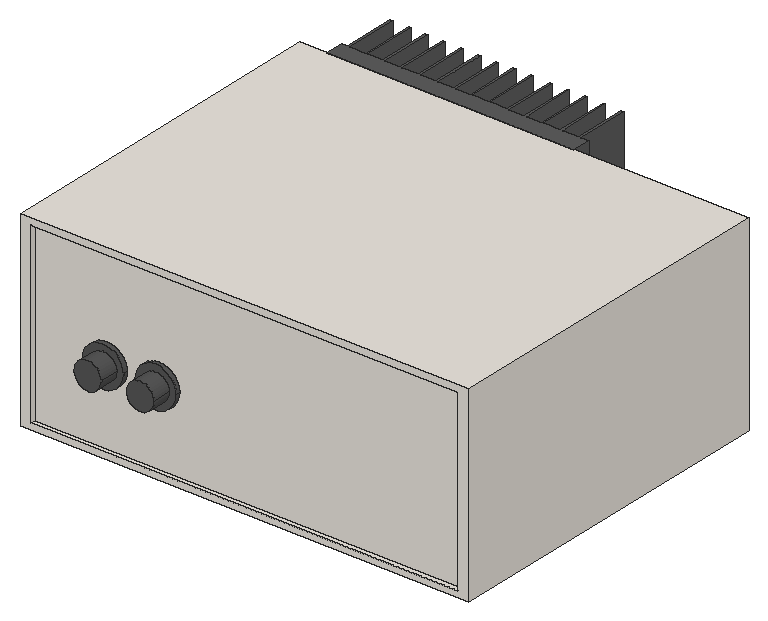
Revit family "Electronics_Masking-Generators_Biamp_Cambridge_Sound-Masking-System_DS1042__", category Communication Devices, host Face, Revit 2020
Family settings
  Host = Face
  Maintain Annotation Orientation = No
  Round Connector Dimension = Use Diameter
  Part Type = Normal
  OmniClass Number = 23.85.10.11
  OmniClass Title = Audio Information, Sound Signals
  Cut with Voids When Loaded = No
  Shared = No
  Room Calculation Point = No
Parameters (values of type "DS1042")
  Width = 0' - 7 3/4"  # constant formula
  Voltage = 120 V
  User Adjustable Masking Eqalization = "Low-Pass Filter on front panel"  # constant formula
  URL = "https://www.biamp.com/"
  Type Comments = ""
  Type = "Sound masking generator and amplifier"  # constant formula
  Temperature Range = "14 - 104° F (-10 – 40° C)"  # constant formula
  Sound Masking Frequency Response = "160Hz to 5kHz"  # constant formula
  Shipping Weight = 9.00 lbf  # constant formula
  Product data url = "https://www.bimobject.com/biamp/product/ds1042_masking-generator"
  Product Page URL = "https://www.biamp.com/products/product-families/cambridge/masking-generators#ds1042"
  Product Documentation Link = "https://downloads.biamp.com/assets/docs/default-source/data-sheets/biamp_dynasound_ds1042_data_sheet_jun21vf.pdf"
  Power Factor = 1
  Output Connections = "Terminal Strip"  # constant formula
  Output = "25 W, 70.7 V"  # constant formula
  Number of Poles = 1
  Non Correlated Masking Sources = "1"  # constant formula
  Mounting = "Supporting/Shelf"  # constant formula
  Model = "DS1042"  # constant formula
  Max Power Consumption = 75 W
  Masking Zones = "1"  # constant formula
  Manufacturer = "Biamp"  # constant formula
  Housing Material = Biamp - Plastic - Beige
  Height = 0' - 3 1/2"  # constant formula
  Description = "Dynasound® DS1042 Sound Masking System for Use with 70.7 Volt Speakers"  # constant formula
  Depth = 0' - 8 1/4"  # constant formula
  Default Elevation = 4' - 0"
  Connector Description = "NEMA 5-15P; 120 VAC 60 Hz (internal), 27 Watts, 3A Fuse"  # constant formula
  Certifications = "UL813"  # constant formula
  Audio Outputs = "1 - Class 2 Wiring (Stereo or Mono)"  # constant formula
  Audio Output Level = "1 - 25 Watts @ 70.7V"  # constant formula
  Assembly Code = ""
  Apparent Load = Max Power Consumption / Power Factor  # 75 VA
Reference planes (in)
  plane 1 "Center (Front/Back)": y = 0
  plane 2: z = 0
  plane 3 "Center (Left/Right)": x = 0
  plane 4: x = -4.125
  plane 5: x = 4.125
  plane 6: y = 3.875
  plane 7: y = -3.875
  plane 8: z = 3.5
Forms (in)
  Extrusion 1, solid, material "Biamp - Plastic - Beige" <- "Housing Material"
    sketch origin (0, 0, 0) x (1, 0, 0) y (0, 1, 0)
      loop
        line (-4.125, 2.55717) -> (-4.125, -3.875) -> (4.125, -3.875) -> (4.125, 2.55717) -> (-4.125, 2.55717)
    from 0 to 3.5
  Extrusion 2, solid, material "Biamp - Plastic - Black", detail levels medium+fine
    sketch origin (0.36045, 0, 0) x (1, 0, 0) y (0, 0, 1)
      loop
        circle (-2.96401, 1.51533) r 0.375
      loop
        circle (-1.99802, 1.51533) r 0.375
    from 3.78784 to 3.875
  Extrusion 3, solid, material "Biamp - Plastic - Black", detail levels medium+fine
    sketch origin (0.36045, 0, 0) x (1, 0, 0) y (0, 0, 1)
      loop
        circle (-2.96401, 1.51533) r 0.25
      loop
        circle (-1.99802, 1.51533) r 0.25
    from 3.875 to 4.22614
  Extrusion 4, solid, material "Biamp - Metal - Black", detail levels medium+fine
    sketch origin (0, 0, 0) x (1, 0, 0) y (0, 1, 0)
      loop
        line (-3.62703, 2.55717) -> (0.91383, 2.55717) -> (0.91383, 2.89354) -> (0.77302, 2.89354) -> (0.77302, 3.875) -> (0.73212, 3.875) -> (0.73212, 2.89354) -> (0.43506, 2.89354) -> (0.43506, 3.875) -> (0.39416, 3.875) -> (0.39416, 2.89354) -> (0.0971, 2.89354) -> (0.0971, 3.875) -> (0.0562, 3.875) -> (0.0562, 2.89354) -> (-0.22524, 2.89354) -> (-0.22524, 3.875) -> (-0.26614, 3.875) -> (-0.26614, 2.89354) -> (-0.54758, 2.89354) -> (-0.54758, 3.875) -> (-0.58848, 3.875) -> (-0.58848, 2.89354) -> (-0.88554, 2.89354) -> (-0.88554, 3.875) -> (-0.92644, 3.875) -> (-0.92644, 2.89354) -> (-1.21569, 2.89354) -> (-1.21569, 3.875) -> (-1.25659, 3.875) -> (-1.25659, 2.89354) -> (-1.53021, 2.89354) -> (-1.53021, 3.875) -> (-1.57111, 3.875) -> (-1.57111, 2.89354) -> (-1.86036, 2.89354) -> (-1.86036, 3.875) -> (-1.90126, 3.875) -> (-1.90126, 2.89354) -> (-2.17488, 2.89354) -> (-2.17488, 3.875) -> (-2.21578, 3.875) -> (-2.21578, 2.89354) -> (-2.51284, 2.89354) -> (-2.51284, 3.875) -> (-2.55375, 3.875) -> (-2.55375, 2.89354) -> (-2.83518, 2.89354) -> (-2.83518, 3.875) -> (-2.87608, 3.875) -> (-2.87608, 2.89354) -> (-3.14189, 2.89354) -> (-3.14189, 3.875) -> (-3.18279, 3.875) -> (-3.18279, 2.89354) -> (-3.47985, 2.89354) -> (-3.47985, 3.875) -> (-3.52075, 3.875) -> (-3.52075, 2.89354) -> (-3.62703, 2.89354) -> (-3.62703, 2.55717)
    from 0 to 3.5
  Extrusion 5, solid, material "Biamp - Plastic - Black", detail levels medium+fine
    sketch origin (3.3917, 0, 1.34375) x (1, 0, 0) y (0, 0, 1)
      loop
        circle (-1.99802, 1.51533) r 0.375
    from -2.55717 to -2.43908
  Extrusion 6, solid, material "Biamp - Plastic - Black", detail levels medium+fine
    sketch origin (3.3917, 0, 1.34375) x (1, 0, 0) y (0, 0, 1)
      loop
        circle (-1.99802, 1.51533) r 0.25
    from -2.55717 to -3.07243
  Extrusion 7, solid, material "Biamp - Plastic - Black", detail levels medium+fine
    sketch origin (4.2628, 0, -0.90625) x (1, 0, 0) y (0, 0, 1)
      loop
        circle (-1.99802, 1.51533) r 0.375
    from -2.55717 to -2.43908
  Extrusion 8, solid, material "Biamp - Plastic - Black", detail levels medium+fine
    sketch origin (4.2628, 0, -0.90625) x (1, 0, 0) y (0, 0, 1)
      loop
        circle (-1.99802, 1.51533) r 0.25
    from -2.55717 to -3.07243
  Extrusion 9, solid, material "Biamp - Plastic - Black", detail levels medium+fine
    sketch origin (5.35655, 0, -0.90625) x (1, 0, 0) y (0, 0, 1)
      loop
        circle (-1.99802, 1.51533) r 0.25
    from -2.55717 to -2.43908
  Extrusion 10, void
    sketch origin (0, 0, 0) x (1, 0, 0) y (0, 0, 1)
      loop
        line (-3.92858, 3.38525) -> (-3.92858, 0.11847) -> (3.93363, 0.11847) -> (3.93363, 3.38525) -> (-3.92858, 3.38525)
    from -2.43908 to -2.55717
  Extrusion 11, void
    sketch origin (0, 0, 0) x (1, 0, 0) y (0, 0, 1)
      loop
        line (-3.92858, 3.38525) -> (-3.92858, 0.11847) -> (3.93363, 0.11847) -> (3.93363, 3.38525) -> (-3.92858, 3.38525)
    from 3.875 to 3.78784
  Extrusion 12, solid, material "Biamp - Metal - Black", detail levels coarse
    sketch origin (0, 0, 0) x (1, 0, 0) y (0, 1, 0)
      loop
        line (-3.62703, 2.55717) -> (0.91383, 2.55717) -> (0.91383, 3.875) -> (-3.62703, 3.875) -> (-3.62703, 2.55717)
    from 0 to 3.5
  Extrusion 13, solid, not visible, detail levels coarse
    sketch origin (0, 2.43908, 0) x (-1, 0, 0) y (0, 0, 1)
      loop
        line (-3.64882, 2.14272) -> (-3.64882, 1.64272) -> (-3.09417, 1.64272) -> (-3.09417, 2.14272) -> (-3.64882, 2.14272)
      loop
        line (-2.39882, 1.64272) -> (-2.39882, 2.14272) -> (-3.01604, 2.14272) -> (-3.01604, 1.64272) -> (-2.39882, 1.64272)
    from 0 to 0.11809
Cuts and joins
  joined: Extrusion 2, Extrusion 3
  Extrusion 10, Extrusion 11 cuts Extrusion 1
Lines and regions (in)
  Masking region 1, detail levels medium+fine
    outline origin (0, 0, 0) x (1, 0, 0) y (0, 1, 0)
      loop
        line (-3.62703, 2.89354) -> (-3.62703, 2.55717) -> (0.91383, 2.55717) -> (0.91383, 2.89354) -> (0.77302, 2.89354) -> (0.77302, 3.875) -> (0.73212, 3.875) -> (0.73212, 2.89354) -> (0.43506, 2.89354) -> (0.43506, 3.875) -> (0.39416, 3.875) -> (0.39416, 2.89354) -> (0.0971, 2.89354) -> (0.0971, 3.875) -> (0.0562, 3.875) -> (0.0562, 2.89354) -> (-0.22524, 2.89354) -> (-0.22524, 3.875) -> (-0.26614, 3.875) -> (-0.26614, 2.89354) -> (-0.54758, 2.89354) -> (-0.54758, 3.875) -> (-0.58848, 3.875) -> (-0.58848, 2.89354) -> (-0.88554, 2.89354) -> (-0.88554, 3.875) -> (-0.92644, 3.875) -> (-0.92644, 2.89354) -> (-1.21569, 2.89354) -> (-1.21569, 3.875) -> (-1.25659, 3.875) -> (-1.25659, 2.89354) -> (-1.53021, 2.89354) -> (-1.53021, 3.875) -> (-1.57111, 3.875) -> (-1.57111, 2.89354) -> (-1.86036, 2.89354) -> (-1.86036, 3.875) -> (-1.90126, 3.875) -> (-1.90126, 2.89354) -> (-2.17488, 2.89354) -> (-2.17488, 3.875) -> (-2.21578, 3.875) -> (-2.21578, 2.89354) -> (-2.51284, 2.89354) -> (-2.51284, 3.875) -> (-2.55375, 3.875) -> (-2.55375, 2.89354) -> (-2.83518, 2.89354) -> (-2.83518, 3.875) -> (-2.87608, 3.875) -> (-2.87608, 2.89354) -> (-3.14189, 2.89354) -> (-3.14189, 3.875) -> (-3.18279, 3.875) -> (-3.18279, 2.89354) -> (-3.47985, 2.89354) -> (-3.47985, 3.875) -> (-3.52075, 3.875) -> (-3.52075, 2.89354) -> (-3.62703, 2.89354)
  Masking region 2
    outline origin (0, 0, 0) x (1, 0, 0) y (0, 1, 0)
      loop
        line (-4.125, 2.55717) -> (-4.125, -3.875) -> (4.125, -3.875) -> (4.125, 2.55717) -> (-4.125, 2.55717)
  Masking region 3, detail levels coarse
    outline origin (0, 0, 0) x (1, 0, 0) y (0, 1, 0)
      loop
        line (-3.62703, 3.875) -> (-3.62703, 2.55717) -> (0.91383, 2.55717) -> (0.91383, 3.875) -> (-3.62703, 3.875)
  Masking region 4, detail levels medium+fine
    outline origin (0, 0, 0) x (1, 0, 0) y (0, 1, 0)
      loop
        line (1.14368, 3.07243) -> (1.14368, 2.55717) -> (1.64368, 2.55717) -> (1.64368, 3.07243) -> (1.14368, 3.07243)
      loop
        line (2.01478, 3.07243) -> (2.01478, 2.55717) -> (2.51478, 2.55717) -> (2.51478, 3.07243) -> (2.01478, 3.07243)
      loop
        line (-2.85356, -3.875) -> (-2.85356, -4.22614) -> (-2.35356, -4.22614) -> (-2.35356, -3.875) -> (-2.85356, -3.875)
      loop
        line (-1.88757, -3.875) -> (-1.88757, -4.22614) -> (-1.38757, -4.22614) -> (-1.38757, -3.875) -> (-1.88757, -3.875)
  symbolic lines, style "CommunicationDevices"
    curve 1: line (0.0971, 3.875, 0) -> (0.0562, 3.875, 0)
    curve 2: line (-0.22524, 3.875, 0) -> (-0.26614, 3.875, 0)
    curve 3: line (-0.54758, 3.875, 0) -> (-0.58848, 3.875, 0)
  symbolic lines
    curve 4: line (-2.85356, -3.875, 0) -> (-1.38757, -3.875, 0)
Dimensions and locks (in)
  equal spacing: plane 6, plane 1 "Center (Front/Back)", plane 7
  "Width": plane 6 to plane 7
  equal spacing: plane 4, plane 3 "Center (Left/Right)", plane 5
  "Depth": plane 4 to plane 5
  "Height": plane 8 to plane 2
  aligned and locked: plane 2 to host face
  aligned and locked: level to host face
  aligned and locked: plane 4 to Extrusion 1 sketch curve
  aligned and locked: plane 7 to Extrusion 1 sketch curve
  aligned and locked: Extrusion 1 sketch curve to plane 5
  aligned and locked: Masking region 1 sketch curve to Extrusion 4  (x2)
Automatic sketch dimensions
  host sketch curve to host sketch curve = 8' - 0"  (x2)
  Extrusion 1 sketch curve to plane 6 = 0' - 1.31783"
  plane 4 to Extrusion 2 sketch curve = 0' - 1.52144"
  Extrusion 2 sketch curve to Extrusion 2 sketch curve = 0' - 0.96599"
  level to Extrusion 2 sketch curve = 0' - 1.51533"
  Extrusion 2 sketch curve to Extrusion 2 sketch curve = 0' - 0"
  plane 4 to Extrusion 3 sketch curve = 0' - 1.52144"
  Extrusion 3 sketch curve to Extrusion 3 sketch curve = 0' - 0.96599"
  level to Extrusion 3 sketch curve = 0' - 1.51533"
  Extrusion 3 sketch curve to Extrusion 3 sketch curve = 0' - 0"
  Extrusion 5 sketch curve to plane 8 = 0' - 0.64092"
  plane 3 "Center (Left/Right)" to Extrusion 5 sketch curve = 0' - 1.39368"
  Extrusion 6 sketch curve to plane 8 = 0' - 0.64092"
  plane 3 "Center (Left/Right)" to Extrusion 6 sketch curve = 0' - 1.39368"
  level to Extrusion 7 sketch curve = 0' - 0.60908"
  Extrusion 7 sketch curve to plane 5 = 0' - 1.86022"
  level to Extrusion 8 sketch curve = 0' - 0.60908"
  Extrusion 8 sketch curve to plane 5 = 0' - 1.86022"
  Extrusion 9 sketch curve to plane 5 = 0' - 0.76647"
  level to Extrusion 9 sketch curve = 0' - 0.60908"
  plane 4 to Extrusion 10 sketch curve = 0' - 0.19642"
  Extrusion 10 sketch curve to plane 5 = 0' - 0.19137"
  level to Extrusion 10 sketch curve = 0' - 0.11847"
  Extrusion 10 sketch curve to plane 8 = 0' - 0.11475"
  plane 4 to Extrusion 11 sketch curve = 0' - 0.19642"
  Extrusion 11 sketch curve to plane 5 = 0' - 0.19137"
  level to Extrusion 11 sketch curve = 0' - 0.11847"
  Extrusion 11 sketch curve to plane 8 = 0' - 0.11475"
  Extrusion 4 sketch curve to plane 6 = 0' - 0"  (x14)
  plane 4 to Extrusion 4 sketch curve = 0' - 0.49797"
  Extrusion 4 sketch curve to Extrusion 4 sketch curve = 0' - 0.10627"
  Extrusion 4 sketch curve to Extrusion 4 sketch curve = 0' - 0.0409"  (x14)
  Extrusion 4 sketch curve to Extrusion 4 sketch curve = 0' - 0.29706"  (x5)
  Extrusion 4 sketch curve to Extrusion 4 sketch curve = 0' - 0.26581"
  Extrusion 4 sketch curve to Extrusion 4 sketch curve = 0' - 0.28143"
  Extrusion 4 sketch curve to Extrusion 4 sketch curve = 0' - 0.27362"  (x2)
  Extrusion 4 sketch curve to Extrusion 4 sketch curve = 0' - 0.28925"  (x2)
  Extrusion 4 sketch curve to plane 3 "Center (Left/Right)" = 0' - 0.26614"
  plane 3 "Center (Left/Right)" to Extrusion 4 sketch curve = 0' - 0.0562"
  Extrusion 4 sketch curve to Extrusion 4 sketch curve = 0' - 0.14081"
  Extrusion 4 sketch curve to plane 6 = 0' - 0.98146"  (x2)
  Extrusion 4 sketch curve to Extrusion 4 sketch curve = 0' - 0"  (x13)
  Extrusion 4 sketch curve to Extrusion 4 sketch curve = 0' - 0.33637"
  Extrusion 12 sketch curve to plane 6 = 0' - 0"
  plane 4 to Extrusion 12 sketch curve = 0' - 0.49797"
  plane 3 "Center (Left/Right)" to Extrusion 12 sketch curve = 0' - 0.91383"
  Extrusion 12 sketch curve to Extrusion 12 sketch curve = 0' - 1.31783"
  curve 4 to plane 7 = 0' - 0"
  curve 3 to plane 6 = 0' - 0"
  curve 2 to plane 6 = 0' - 0"
  curve 1 to plane 6 = 0' - 0"
  plane 4 to curve 4 = 0' - 1.27144"
  curve 4 to plane 3 "Center (Left/Right)" = 0' - 1.38757"
  curve 3 to plane 3 "Center (Left/Right)" = 0' - 0.58848"
  curve 3 to curve 3 = 0' - 0.0409"
  curve 2 to plane 3 "Center (Left/Right)" = 0' - 0.26614"
  curve 2 to curve 2 = 0' - 0.0409"
  plane 3 "Center (Left/Right)" to curve 1 = 0' - 0.0562"
  curve 1 to curve 1 = 0' - 0.0409"
  Masking region 1 sketch curve to plane 6 = 0' - 0"  (x14)
  plane 4 to Masking region 1 sketch curve = 0' - 0.60425"
  Masking region 1 sketch curve to Masking region 1 sketch curve = 0' - 0.0409"  (x14)
  Masking region 1 sketch curve to Masking region 1 sketch curve = 0' - 0.29706"  (x5)
  Masking region 1 sketch curve to Masking region 1 sketch curve = 0' - 0.26581"
  Masking region 1 sketch curve to Masking region 1 sketch curve = 0' - 0.28143"
  Masking region 1 sketch curve to Masking region 1 sketch curve = 0' - 0.27362"  (x2)
  Masking region 1 sketch curve to Masking region 1 sketch curve = 0' - 0.28925"  (x2)
  Masking region 1 sketch curve to plane 3 "Center (Left/Right)" = 0' - 0.26614"
  plane 3 "Center (Left/Right)" to Masking region 1 sketch curve = 0' - 0.0562"
  Masking region 1 sketch curve to Masking region 1 sketch curve = 0' - 0.14081"
  Masking region 1 sketch curve to Masking region 1 sketch curve = 0' - 0.98146"
  Masking region 1 sketch curve to Masking region 1 sketch curve = 0' - 0"  (x12)
  Masking region 1 sketch curve to plane 6 = 0' - 0.98146"
  Masking region 1 sketch curve to Masking region 1 sketch curve = 0' - 0.33637"
  Masking region 2 sketch curve to plane 4 = 0' - 0"
  Masking region 2 sketch curve to plane 5 = 0' - 0"
  Masking region 2 sketch curve to plane 7 = 0' - 0"
  Masking region 2 sketch curve to plane 6 = 0' - 1.31783"
  Masking region 3 sketch curve to plane 6 = 0' - 0"
  plane 4 to Masking region 3 sketch curve = 0' - 0.49797"
  plane 3 "Center (Left/Right)" to Masking region 3 sketch curve = 0' - 0.91383"
  Masking region 3 sketch curve to plane 6 = 0' - 1.31783"
  Masking region 4 sketch curve to plane 7 = 0' - 0"  (x2)
  Masking region 4 sketch curve to plane 7 = 0' - 0.35114"  (x2)
  plane 4 to Masking region 4 sketch curve = 0' - 1.27144"
  Masking region 4 sketch curve to Masking region 4 sketch curve = 0' - 0 1/2"  (x4)
  Masking region 4 sketch curve to Masking region 4 sketch curve = 0' - 0.46599"
  plane 3 "Center (Left/Right)" to Masking region 4 sketch curve = 0' - 1.14368"
  Masking region 4 sketch curve to Masking region 4 sketch curve = 0' - 0 95/256"
  Masking region 4 sketch curve to plane 6 = 0' - 1.31783"
  Masking region 4 sketch curve to Masking region 4 sketch curve = 0' - 0"
  Masking region 4 sketch curve to Masking region 4 sketch curve = 0' - 0.51526"  (x2)
  Extrusion 13 sketch curve to Extrusion 10 = 0' - 0.28481"
  Extrusion 13 sketch curve to Extrusion 13 sketch curve = 0' - 1 1/4"
  Extrusion 13 sketch curve to Extrusion 10 = 0' - 1.52425"
  Extrusion 13 sketch curve to Extrusion 13 sketch curve = 0' - 0 1/2"
  Extrusion 13 sketch curve to Extrusion 13 sketch curve = 0' - 0.55465"
  Extrusion 13 sketch curve to Extrusion 13 sketch curve = 0' - 0 5/64"
  Extrusion 13 sketch curve to Extrusion 13 sketch curve = 0' - 0"  (x2)
  radius of Extrusion 2 sketch curve = 0' - 0 3/8"  (x2)
  radius of Extrusion 3 sketch curve = 0' - 0 1/4"  (x2)
  radius of Extrusion 5 sketch curve = 0' - 0 3/8"
  radius of Extrusion 6 sketch curve = 0' - 0 1/4"
  radius of Extrusion 7 sketch curve = 0' - 0 3/8"
  radius of Extrusion 8 sketch curve = 0' - 0 1/4"
  radius of Extrusion 9 sketch curve = 0' - 0 1/4"
Connectors (in)
  electrical at (3.35853, 2.55717, 0.60908), driven by "Connector Description", driven by "Power Factor", driven by "Apparent Load", driven by "Apparent Load", driven by "Voltage", driven by "Number of Poles"
    settings: on Extrusion 9, index 1, voltage 120 V, apparent load 75 VA, apparent load phase1 75 VA, apparent load phase2 0 VA, apparent load phase3 0 VA, power factor 1, load classification "Other", number of poles 1, system type 31, power factor state 1, is connector primary yes, connector utility no, sub classification motor no, connector description "NEMA 5-15P; 120 VAC 60 Hz (internal), 27 Watts, 3A Fuse"
  electrical at (3.3715, 2.55717, 1.89272)
    settings: on Extrusion 13, index 4, voltage 0 V, apparent load 0 VA, apparent load phase1 0 VA, apparent load phase2 0 VA, apparent load phase3 0 VA, power factor 1, load classification "Other", number of poles 1, system type 5, power factor state 1, is connector primary no, connector utility no, sub classification motor no, connector description "Audio Output 25 Watts @ 70.7V; Terminal Strip"
  electrical at (2.70743, 2.55717, 1.89272)
    settings: on Extrusion 13, index 5, voltage 0 V, apparent load 0 VA, apparent load phase1 0 VA, apparent load phase2 0 VA, apparent load phase3 0 VA, power factor 1, load classification "Other", number of poles 1, system type 5, power factor state 1, is connector primary no, connector utility no, sub classification motor no, connector description "Audio Output 25 Watts @ 70.7V; Terminal Strip"
